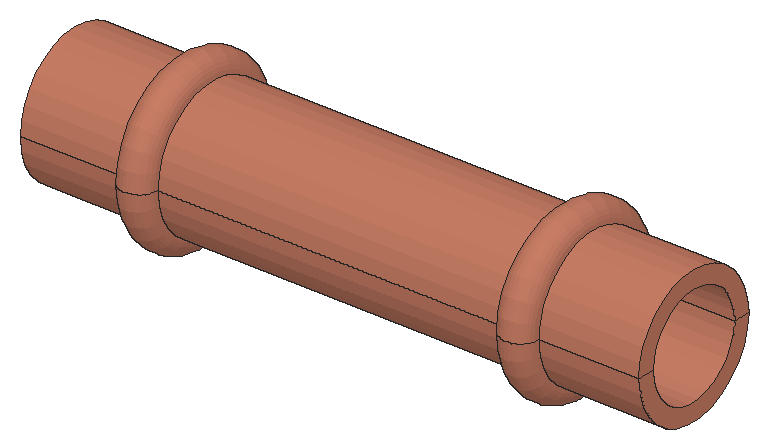
Revit family "Pipefitting_IBP_Conex_MaxiPro_StraightCoupler_MP5270", category Pipe Fittings, Revit 2019
Family settings
  Round Connector Dimension = Use Diameter
  Part Type = Union
  OmniClass Number = 23.65.00.00
  OmniClass Title = Supply and Distribution of Liquids and Gases
  Work Plane-Based = No
  Always vertical = No
  Cut with Voids When Loaded = No
  Shared = No
Parameters (values of type "MP5270 0020000 1/4"")
  _DistributedBy = "www.bimmepaus.com.au/"
  _CurrentRevision = 1  # constant formula
  _CreatedBy = "technical@ibpgroup.com"
  _BimstoreBibleVersion = "14"  # constant formula
  _BimSpecGuid = 0  # constant formula
  _AuthorisedBy = ""
  _Author = "Luke Brown"  # constant formula
  Weight = 0.00 kg
  WarrantyStartDate [instance] = "Please Record On Commissioning."
  WarrantyGuarantorParts = "technical@ibpgroup.com"  # constant formula
  WarrantyGuarantorLabor = "technical@ibpgroup.com"  # constant formula
  WarrantyDurationMonths = 60  # constant formula
  WarrantyDescription = "Product Guarantee"  # constant formula
  URL = "http://www.conexbanninger.com/"
  Type Comments = "1/4\" Connection"
  SurfaceFinish = "Natural"  # constant formula
  SpareParts = "n/a"
  Size = Type Comments  # "1/4\" Connection"
  Shape = "Cylindrical"  # constant formula
  SerialNumber [instance] = "Please Record On Commissioning."
  SealType = "HNBR"
  S_WallThickness = 1.1 mm
  ReplacementCost = "n/a"
  RefrigerantType = ""
  RefrigerantSafetyClass = ""
  RefrigerantCircuitNumber = ""
  ReferencedStandard = "n/a"
  ProductionYear = "n/a"  # constant formula
  ProductCode = Model  # "MP5270 0020000"
  PressJawCompatability = "MaxiPro Jaws supplied by Rothenberger"  # constant formula
  PipeConnectorType = "Press x Press"
  OperatingMaintenanceManual = ""
  ORingTemperatureRange = "-40°C to 140°C"  # constant formula
  OD_Formula = ID_DN + S_WallThickness + S_WallThickness  # 8.6 mm
  NominalLength = 0 mm  # constant formula
  NominalHeight = 0 mm  # constant formula
  NominalDepth = 0 mm  # constant formula
  NBSReference = "90-10-65/315"  # constant formula
  NBSOfficeMasterTag = "n/a"  # constant formula
  NBSObjectName = "IBP - Copper pipeline fittings"  # constant formula
  NBSNote = "n/a"  # constant formula
  NBSDescription = "Copper pipeline fittings"  # constant formula
  ModelReference = Type Comments  # "1/4\" Connection"
  ModelNumber = Model  # "MP5270 0020000"
  Model = "MP5270 0020000"
  MaxHydrostaticPressure = 48 bar
  MaterialType = "Refrigerant Grade Copper, C12200"  # constant formula
  Material = Copper, C12200
  ManufacturerName = "IBP"  # constant formula
  Manufacturer = "Conex Banninger"  # constant formula
  L2_BeadDepth = 7.5 mm
  Keynote = "S"  # constant formula
  InstallationDate [instance] = "Please Record On Commissioning."
  IfcExportType = "IfcPipeFittingType"  # constant formula
  IfcExportAs = "IfcPipeFitting"  # constant formula
  ID_DN = 6.4 mm
  Grade = "n/a"
  FluidTemperatureMin = 273.15 °C - 40 °C + -273.15 °C  # -40 °C
  FluidTemperatureMax = 121 °C  # constant formula
  FittingType = Description  # "Straight Press Coupler"
  Features = "n/a"
  ExpectedServiceLifeYears = 25  # constant formula
  DocumentationTechnical = ""
  DocumentationLiterature = ""
  DocumentationInstallationGuide = ""
  DocumentationCertificates = ""
  Description = "Straight Press Coupler"  # constant formula
  CreatedOn = " "
  CreatedBy = "technical@ibpgroup.com"  # constant formula
  Contact = "technical@ibpgroup.com"  # constant formula
  Constituents = "n/a"
  Colour = "n/a"  # constant formula
  CodePerformance = "n/a"
  ClassificationValue = "Pr_65_52_63_18"  # constant formula
  ClassificationName = "Uniclass2015"  # constant formula
  Bead_Dia = 2.3 mm
  BeadDepth_Formula = A_Length - L2_BeadDepth - L2_BeadDepth  # 24 mm
  Barcode [instance] = "Please Record On Commissioning."
  B_TubeStopPosition = 3 mm
  BIMObjectName = "PipeFitting_IBP_Conex_MaxiPro_Straightcoupler_MP5270"  # constant formula
  AssetType = "Fixed"  # constant formula
  AssetIdentifier [instance] = "Please Record On Commissioning."
  Assembly Code = "D20"
  Application = "Air conditioning & refrigeration"  # constant formula
  AccessibilityPerformance = "n/a"
  A_Length = 39 mm
Types (8, lengths in mm): name | Type Comments | Size | S_WallThickness | ProductCode | OD_Formula | ModelReference | ModelNumber | Model | L2_BeadDepth | ID_DN | Bead_Dia | BeadDepth_Formula | B_TubeStopPosition | A_Length
  MP5270 0020000 1/4" | "1/4\" Connection" | "1/4\" Connection" | 1.1 | "MP5270 0020000" | 8.6 | "1/4\" Connection" | "MP5270 0020000" | "MP5270 0020000" | 7.5 | 6.4 | 2.3 | 24 | 3 | 39
  MP5270 0030000 3/8" | "3/8\" Connection" | "3/8\" Connection" | 1.2 | "MP5270 0030000" | 12 | "3/8\" Connection" | "MP5270 0030000" | "MP5270 0030000" | 7 | 9.6 | 2.3 | 25 | 3 | 39
  MP5270 0040000 1/2" | "1/2\" Connection" | "1/2\" Connection" | 1.4 | "MP5270 0040000" | 15.6 | "1/2\" Connection" | "MP5270 0040000" | "MP5270 0040000" | 7 | 12.8 | 2.5 | 26 | 5 | 40
  MP5270 0050000 5/8" | "5/8\" Connection" | "5/8\" Connection" | 1.6 | "MP5270 0050000" | 19.2 | "5/8\" Connection" | "MP5270 0050000" | "MP5270 0050000" | 8 | 16 | 2.7 | 29 | 3 | 45
  MP5270 0060000 3/4" | "3/4\" Connection" | "3/4\" Connection" | 1.6 | "MP5270 0060000" | 22.4 | "3/4\" Connection" | "MP5270 0060000" | "MP5270 0060000" | 10 | 19.2 | 2.8 | 26.5 | 1.5 | 46.5
  MP5270 0070000 7/8" | "7/8\" Connection" | "7/8\" Connection" | 1.8 | "MP5270 0070000" | 26 | "7/8\" Connection" | "MP5270 0070000" | "MP5270 0070000" | 10 | 22.4 | 3.3 | 37.5 | 8.5 | 57.5
  MP5270 0080000 1" | "1\" Connection" | "1\" Connection" | 1.8 | "MP5270 0080000" | 29.2 | "1\" Connection" | "MP5270 0080000" | "MP5270 0080000" | 10 | 25.6 | 3.1 | 30 | 2 | 50
  MP5270 0090000 1 1/8" | "1 1/8\" Connection" | "1 1/8\" Connection" | 1.8 | "MP5270 0090000" | 32.2 | "1 1/8\" Connection" | "MP5270 0090000" | "MP5270 0090000" | 10.2 | 28.6 | 3.3 | 37.6 | 6 | 58
Reference planes
  plane 1 "Center (Front/Back)": y = 0
  plane 2: z = 0
  plane 3 "Center (Left/Right)": x = 0
  plane 4: x = 19.5
  plane 5: x = -19.5
  plane 6: x = 12
  plane 7: x = -12
  plane 8: y = 3.2
  plane 9: y = -3.2
  plane 10: y = 4.3
  plane 11: y = -4.3
  plane 12 "Right_Connection": x = 1.5
  plane 13 "Left_Connection": x = -1.5
Forms (mm)
  Revolve 1, solid, material "Copper, C12200" <- "Material", detail levels fine
    sketch origin (0, 0, 0) x (1, 0, 0) y (0, 1, 0)
      loop
        line (-13.15, 4.3) -> (-19.5, 4.3) -> (-19.5, 3.2) -> (19.5, 3.2) -> (19.5, 4.3) -> (13.15, 4.3)
        arc (13.15, 4.3) -> (12, 5.45) -> (10.85, 4.3) r 1.15
        line (10.85, 4.3) -> (-10.85, 4.3)
        arc (-10.85, 4.3) -> (-12, 5.45) -> (-13.15, 4.3) r 1.15
      axis (-19.5, 0) -> (19.5, 0)
    angle from 0 to 360
Dimensions and locks
  equal spacing: plane 5, plane 3 "Center (Left/Right)", plane 4
  "A_Length": plane 5 to plane 4
  equal spacing: plane 7, plane 3 "Center (Left/Right)", plane 6
  "BeadDepth_Formula": plane 7 to plane 6
  equal spacing: plane 8, plane 1 "Center (Front/Back)", plane 9
  "ID_DN": plane 9 to plane 8
  equal spacing: plane 10, plane 1 "Center (Front/Back)", plane 11
  "OD_Formula": plane 11 to plane 10
  equal spacing: plane 13 "Left_Connection", plane 3 "Center (Left/Right)", plane 12 "Right_Connection"
  "B_TubeStopPosition": plane 13 "Left_Connection" to plane 12 "Right_Connection"
  "Bead_Dia": diameter of Revolve 1 sketch curve  (x2)
  aligned and locked: level to plane 2
Automatic sketch dimensions
  Revolve 1 sketch curve to plane 5 = 0 mm
  Revolve 1 sketch curve to plane 10 = 0 mm
  Revolve 1 sketch curve to plane 7 = 0 mm
  plane 1 "Center (Front/Back)" to Revolve 1 sketch curve = 0 mm
  Revolve 1 sketch curve to plane 3 "Center (Left/Right)" = 0 mm
  Revolve 1 sketch curve to plane 6 = 0 mm
  Revolve 1 sketch curve to plane 4 = 0 mm
  Revolve 1 sketch curve to plane 8 = 0 mm
  plane 4 to Revolve 1 sketch curve = 23.101 mm
Nested families
  nested 1: "Coupler Annotations" at (0, 0, 0), type "Coupler Annotations", detail levels coarse+medium
Connectors
  piping at (-1.5, 0, 0), diameter 6.4, driven by "ID_DN"
    settings: index 1, connector inside diameter 609.6 mm, connector length 0 mm, flow factor 0, pipe flow 0.0 L/s, pressure drop 0 bar, fitting loss kfactor 0, connector angle 0.00°, fixture units 0, engagement length 0 mm, angle of deflection 0.00°, flow configuration 0, flow direction 0, fitting loss method 0, system type 7, joint type 0, gender type 0, connector reference index -1, connector utility 0, adjustable connector no, is connector primary yes, connector description ""
  piping at (1.5, 0, 0), diameter 6.4, driven by "ID_DN"
    settings: index 2, connector inside diameter 609.6 mm, connector length 0 mm, flow factor 0, pipe flow 0.0 L/s, pressure drop 0 bar, fitting loss kfactor 0, connector angle 0.00°, fixture units 0, engagement length 0 mm, angle of deflection 0.00°, flow configuration 0, flow direction 0, fitting loss method 0, system type 7, joint type 0, gender type 0, connector reference index -1, connector utility 0, adjustable connector no, is connector primary no, connector description ""
Definition of nested family "Coupler Annotations"
  Parameters (values of type "Coupler Annotations")
    Width = 7.992 mm
    Weight = "0"
    Website = "http://www.conexbanninger.com/"
    Short Code = ""
    Profile 67-108mm = "M Profile"
    Profile 15-54mm = ">B< Profile"
    Primary Material = none
    Order Code (JDE) = ""
    Minimum Temperature = -35 °C
    Maximum Temperature = 110 °C
    Max Hydrostatic Pressure = 16 bar
    Manufacturer = "Conex Banninger"
    Length = 15.985 mm
    Hyperlink - Installation Guide = "http://www.conexbanninger.com/uploads/14169915304850175107cafd3550f0c11e86dc65.pdf"
    Hyperlink - Data Sheet = "http://www.conexbanninger.com/uploads/16c789a15d34158287a83230e6c3209f143449ab.pdf"
    End Connection = "Press x Press"
    Description = ""
    Contact = "technical@ibpgroup.com"
    Hyperlink - B Press Tooling Compatability = "http://www.conexbanninger.com/uploads/7b0e8ab59d5d21af8cc623b0402734723dcd325b.pdf"
    Author = "Luke Brown"
    Hyperlink - Approvals = "http://www.conexbanninger.com/uploads/054a2f5de9a7dffd4882b29baab5d8baca1922bd.pdf"
    Applications - Sanitary Water = yes
    Applications - Heating and Chilled Water Systems = yes
    Applications - Drinking Water = yes
    Applications - Compressed Air (Oil Free) = yes
  Reference planes
    plane 1 "Center (Front/Back)": y = 0
    plane 2: z = 0
    plane 3 "Center (Left/Right)": x = 0
    plane 4: x = -7.992
    plane 5: x = 7.992
    plane 6: y = 3.996
    plane 7: y = -3.996
  Lines and regions (mm)
    model lines
      curve 1: line (-7.992, 3.996, 0) -> (-7.992, -3.996, 0)
      curve 2: line (-7.992, -3.996, 0) -> (-7.992, 0, 0)
      curve 3: line (7.992, 3.996, 0) -> (7.992, -3.996, 0)
      curve 4: line (7.992, 0, 0) -> (-7.992, 0, 0)
  Dimensions and locks
    equal spacing: plane 4, plane 3 "Center (Left/Right)", plane 5
    "Length": plane 4 to plane 5
    equal spacing: plane 6, plane 1 "Center (Front/Back)", plane 7
    "Width": plane 6 to plane 7
    aligned and locked: level to plane 2
  Automatic sketch dimensions
    curve 1 to plane 4 = 0 mm
    plane 1 "Center (Front/Back)" to curve 4 = 0 mm
    curve 3 to plane 5 = 0 mm
    curve 1 to plane 7 = 0 mm
    curve 3 to plane 7 = 0 mm
    curve 3 to plane 6 = 0 mm
    curve 1 to plane 6 = 0 mm
